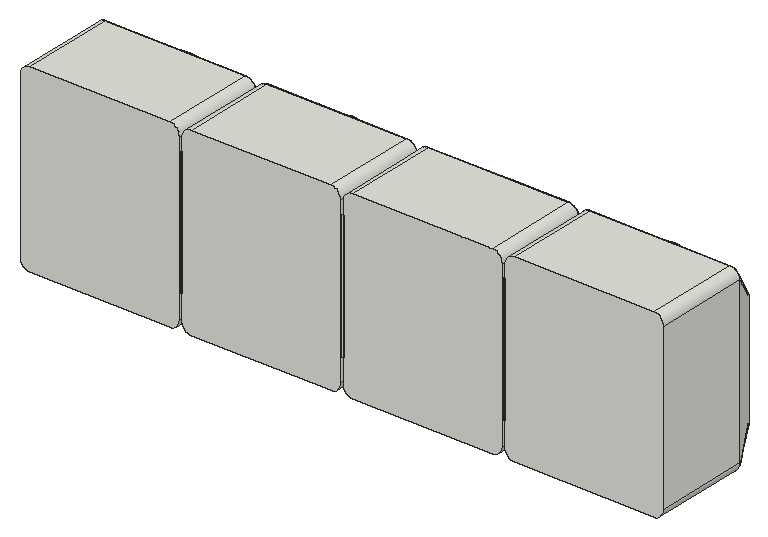
Revit family "IEK_Розетка_ОУ_C_ЗК_16А_4_мест_IP54_ГЕРМЕС_PLUS", category Электрические приборы, Revit 2019
Family settings
  Сохранять ориентацию аннотаций = Да
  Размер круглого соединителя = Использовать диаметр
  Тип детали = Нормальный
  На основе рабочей плоскости = Нет
  Всегда вертикально = Да
  При загрузке вырезать с полостями = Нет
  Общий = Нет
  Точка расчета площади = Нет
Parameters (values of type "РСб24-3-ГПБд")
  Ширина = 290 mm  # constant formula
  Тип монтажа = "Поверхность монтажа (открытая установка)"  # constant formula
  Степень защиты = "IP54"  # constant formula
  Описание = "Изделия серии \"ГЕРМЕС PLUS\" используются в помещениях с повышенной влажностью или запыленностью, а также под навесом на открытом воздухе."
  Материал крышки = Цвет дымчатый
  Изготовитель = "IEK"  # constant formula
  Диаметр_Короб [instance] = 16 mm
  Глубина = 52 mm  # constant formula
  Высота = 72 mm  # constant formula
  ΔХ [instance] = 2000 mm
  ΔY [instance] = 2000 mm
  URL = "https://www.iek.ru/"
  ADSK_Ток [instance] = 16 A  # constant formula
  ADSK_Примечание = ""
  ADSK_Полная мощность [instance] = ADSK_Номинальная мощность / ADSK_Коэффициент мощности  # 3520 VA
  ADSK_Позиция [instance] = ""
  ADSK_Номинальная мощность [instance] = ADSK_Ток * ADSK_Напряжение * sqrt(ADSK_Количество фаз числовое) * ADSK_Коэффициент мощности  # 3520 W
  ADSK_Напряжение = 220 V
  ADSK_Наименование краткое = "РСб24-3-ГПБд"
  ADSK_Наименование = "Розетка 4-местная для открытой установки РСб24-3-ГПБд с заземляющим контактом IP54 ГЕРМЕС PLUS (цвет крышки: дымчатый) IEK"
  ADSK_Материал обозначение = ""
  ADSK_Материал наименование = "Пластик"  # constant formula
  ADSK_Материал = Цвет белый
  ADSK_Масса = 0.513  # constant formula
  ADSK_Марка = "ГЕРМЕС PLUS"  # constant formula
  ADSK_Коэффициент мощности [instance] = 1  # constant formula
  ADSK_Количество фаз числовое = 1
  ADSK_Количество фаз = 1
  ADSK_Код изделия = "ERMP32-K03-16-54-EC"
  ADSK_Классификация нагрузок [instance] = Прочее
  ADSK_Завод-изготовитель = Изготовитель  # "IEK"
  ADSK_Единица измерения = "шт."  # constant formula
  ADSK_Группирование = "Электроустановочные изделия низковольтные"  # constant formula
  ADSK_Версия семейства = "01.10.25"  # constant formula
  ADSK_Версия Revit = "v2019"  # constant formula
  ADSK_URL страницы изделия = "https://qr.iek.group/ERMP32-K03-16-54-EC"
Types (3, lengths in mm): name | Материал крышки | ADSK_Наименование краткое | ADSK_Наименование | ADSK_Код изделия | ADSK_URL страницы изделия
  (no name) | Цвет дымчатый | "РСб24-3-ГПБд" | "Розетка 4-местная для открытой установки РСб24-3-ГПБд с заземляющим контактом IP54 ГЕРМЕС PLUS (цвет крышки: дымчатый) IEK" | "ERMP32-K03-16-54-EC" | "https://qr.iek.group/ERMP32-K03-16-54-EC"
  РСб24-3-ГПБб | Цвет белый | "РСб24-3-ГПБб" | "Розетка 4-местная для открытой установки РСб24-3-ГПБб с заземляющим контактом IP54 ГЕРМЕС PLUS белый IEK" | "ERMP32-K01-16-54-EC" | "https://qr.iek.group/ERMP32-K01-16-54-EC"
  РСб24-3-ГПБд | Цвет дымчатый | "РСб24-3-ГПБд" | "Розетка 4-местная для открытой установки РСб24-3-ГПБд с заземляющим контактом IP54 ГЕРМЕС PLUS (цвет крышки: дымчатый) IEK" | "ERMP32-K03-16-54-EC" | "https://qr.iek.group/ERMP32-K03-16-54-EC"
Reference planes
  plane 1 "По центру (Вперед/Назад)": y = 0
  plane 2: z = 0
  plane 3 "По центру (Влево/Вправо)": x = 0
  plane 4 "Высота ножек": z = 280
  plane 5 "Высота": z = 2081.496
  plane 6: x = -2000
  plane 7: y = 2000
Forms (mm)
  Extrusion 1, solid, material "Цвет белый" <- "ADSK_Материал", detail levels fine
    sketch origin (-33, 0, 37.5) x (1, 0, 0) y (0, 0, -1)
      loop
        line (-32.5, 33.5) -> (-32.5, -33.45)
        arc (-32.5, -33.45) -> (-31.314, -36.314) -> (-28.45, -37.5) r 4.05
        line (-28.45, -37.5) -> (28.5, -37.5)
        arc (28.5, -37.5) -> (31.328, -36.328) -> (32.5, -33.5) r 4
        line (32.5, -33.5) -> (32.5, 33.5)
        arc (32.5, 33.5) -> (31.328, 36.328) -> (28.5, 37.5) r 4
        line (28.5, 37.5) -> (-28.5, 37.5)
        arc (-28.5, 37.5) -> (-31.328, 36.328) -> (-32.5, 33.5) r 4
    from 0 to 38.682
  Blend 2, solid, material "Цвет белый" <- "ADSK_Материал", detail levels fine
    base sketch origin (-33, 0, 37.5) x (1, 0, 0) y (0, 0, -1)
      loop
        line (-32.5, 33.5) -> (-32.5, -33.5)
        arc (-32.5, -33.5) -> (-31.328, -36.328) -> (-28.5, -37.5) r 4
        line (-28.5, -37.5) -> (28.5, -37.5)
        arc (28.5, -37.5) -> (31.328, -36.328) -> (32.5, -33.5) r 4
        line (32.5, -33.5) -> (32.5, 33.5)
        arc (32.5, 33.5) -> (31.328, 36.328) -> (28.5, 37.5) r 4
        line (28.5, 37.5) -> (-28.5, 37.5)
        arc (-28.5, 37.5) -> (-31.328, 36.328) -> (-32.5, 33.5) r 4
    top sketch origin (-33, 0, 37.5) x (1, 0, 0) y (0, 0, -1)
      loop
        line (-30.1, 23.034) -> (-30.1, -24.041)
        arc (-30.1, -24.041) -> (-29.819, -24.719) -> (-29.141, -25) r 0.959
        line (-29.141, -25) -> (29.141, -25)
        arc (29.141, -25) -> (29.819, -24.719) -> (30.1, -24.041) r 0.959
        line (30.1, -24.041) -> (30.1, 23.034)
        arc (30.1, 23.034) -> (29.819, 23.712) -> (29.141, 23.993) r 0.959
        line (29.141, 23.993) -> (-29.141, 23.993)
        arc (-29.141, 23.993) -> (-29.819, 23.712) -> (-30.1, 23.034) r 0.959
    from 38.682 to 46.099
  Extrusion 3, void
    sketch origin (-32.975, 0, 37.5) x (1, 0, 0) y (0, 0, -1)
      loop
        arc (-16.762, -9.964) -> (-0.012, -19.5) -> (16.75, -9.984) r 19.5
        line (16.75, -9.984) -> (16.75, -2.25) -> (19.37, -2.25)
        arc (19.37, -2.25) -> (19.5, 0) -> (19.37, 2.25) r 19.5
        line (19.37, 2.25) -> (16.75, 2.25) -> (16.75, 9.984)
        arc (16.75, 9.984) -> (0, 19.5) -> (-16.75, 9.984) r 19.5
        line (-16.75, 9.984) -> (-16.75, 2.25) -> (-19.37, 2.25)
        arc (-19.37, 2.25) -> (-19.5, 0) -> (-19.37, -2.25) r 19.5
        line (-19.37, -2.25) -> (-16.75, -2.25) -> (-16.762, -9.964)
    from 26.4 to 46.099
  Extrusion 4, void
    sketch origin (-32.975, 0, 37.5) x (1, 0, 0) y (0, 0, -1)
      loop
        circle (-9.525, 0) r 2.758
      loop
        circle (9.525, 0) r 2.758
    from 26.4 to 5.7
  Extrusion 5, void
    sketch origin (-33, 0, 39.041) x (1, 0, 0) y (0, 0, -1)
      loop
        arc (-28.5, -24.189) -> (-27.914, -25.603) -> (-26.5, -26.189) r 2
        line (-26.5, -26.189) -> (26.5, -26.189)
        arc (26.5, -26.189) -> (27.914, -25.603) -> (28.5, -24.189) r 2
        line (28.5, -24.189) -> (28.5, 37.041)
        arc (28.5, 37.041) -> (27.914, 38.456) -> (26.5, 39.041) r 2
        line (26.5, 39.041) -> (-26.5, 39.041)
        arc (-26.5, 39.041) -> (-27.914, 38.456) -> (-28.5, 37.041) r 2
        line (-28.5, 37.041) -> (-28.5, -24.189)
      loop
        line (5, 26.541) -> (-5, 26.541) -> (-15.069, 16.168)
        arc (-15.069, 16.168) -> (-21, 1.541) -> (-15.069, -13.085) r 21
        line (-15.069, -13.085) -> (-5, -23.459) -> (5, -23.459) -> (15.069, -13.085)
        arc (15.069, -13.085) -> (21, 1.541) -> (15.069, 16.168) r 21
        line (15.069, 16.168) -> (5, 26.541)
    from 38.682 to 46.099
  Extrusion 6, void
    sketch origin (-33, 0, 37.5) x (1, 0, 0) y (0, 0, -1)
      loop
        line (-22.764, -27) -> (-14.278, -27)
        arc (-14.278, -27) -> (0, -32.5) -> (14.278, -27) r 21.282
        line (14.278, -27) -> (22.764, -27) -> (22.764, 26.4) -> (-22.764, 26.4) -> (-22.764, -27)
    from 43.6 to 46.099
  Extrusion 7, solid, material "Цвет дымчатый" <- "Материал крышки", detail levels fine
    sketch origin (-32.975, 0, 37.5) x (0, 0, -1) y (0, 1, 0)
      loop
        line (23.993, 46.099) -> (-27, 46.099) -> (-27, 45.121) -> (23.993, 45.121) -> (35.72, 38.682) -> (37.5, 38.682) -> (23.993, 46.099)
    from -28 to 28
  Extrusion 8, solid, material "Цвет дымчатый" <- "Материал крышки", detail levels fine
    sketch origin (-32.975, 0, 37.5) x (1, 0, 0) y (0, 0, -1)
      loop
        arc (-14.278, -27) -> (0, -32.5) -> (14.278, -27) r 21.282
        line (14.278, -27) -> (-14.278, -27)
    from 45.121 to 46.099
  Blend 9, solid, material "Цвет белый" <- "ADSK_Материал", detail levels fine
    base sketch origin (33, 0, 37.5) x (1, 0, 0) y (0, 0, -1)
      loop
        line (-32.5, 33.5) -> (-32.5, -33.5)
        arc (-32.5, -33.5) -> (-31.328, -36.328) -> (-28.5, -37.5) r 4
        line (-28.5, -37.5) -> (28.5, -37.5)
        arc (28.5, -37.5) -> (31.328, -36.328) -> (32.5, -33.5) r 4
        line (32.5, -33.5) -> (32.5, 33.5)
        arc (32.5, 33.5) -> (31.328, 36.328) -> (28.5, 37.5) r 4
        line (28.5, 37.5) -> (-28.5, 37.5)
        arc (-28.5, 37.5) -> (-31.328, 36.328) -> (-32.5, 33.5) r 4
    top sketch origin (33, 0, 37.5) x (1, 0, 0) y (0, 0, -1)
      loop
        line (-30.1, 23.034) -> (-30.1, -24.041)
        arc (-30.1, -24.041) -> (-29.819, -24.719) -> (-29.141, -25) r 0.959
        line (-29.141, -25) -> (29.141, -25)
        arc (29.141, -25) -> (29.819, -24.719) -> (30.1, -24.041) r 0.959
        line (30.1, -24.041) -> (30.1, 23.034)
        arc (30.1, 23.034) -> (29.819, 23.712) -> (29.141, 23.993) r 0.959
        line (29.141, 23.993) -> (-29.141, 23.993)
        arc (-29.141, 23.993) -> (-29.819, 23.712) -> (-30.1, 23.034) r 0.959
    from 38.682 to 46.099
  Extrusion 10, solid, material "Цвет белый" <- "ADSK_Материал", detail levels fine
    sketch origin (33, 0, 37.5) x (1, 0, 0) y (0, 0, -1)
      loop
        line (-32.5, 33.5) -> (-32.5, -33.45)
        arc (-32.5, -33.45) -> (-31.314, -36.314) -> (-28.45, -37.5) r 4.05
        line (-28.45, -37.5) -> (28.5, -37.5)
        arc (28.5, -37.5) -> (31.328, -36.328) -> (32.5, -33.5) r 4
        line (32.5, -33.5) -> (32.5, 33.5)
        arc (32.5, 33.5) -> (31.328, 36.328) -> (28.5, 37.5) r 4
        line (28.5, 37.5) -> (-28.5, 37.5)
        arc (-28.5, 37.5) -> (-31.328, 36.328) -> (-32.5, 33.5) r 4
    from 0 to 38.682
  Extrusion 11, void
    sketch origin (33.025, 0, 37.5) x (1, 0, 0) y (0, 0, -1)
      loop
        arc (-16.762, -9.964) -> (-0.012, -19.5) -> (16.75, -9.984) r 19.5
        line (16.75, -9.984) -> (16.75, -2.25) -> (19.37, -2.25)
        arc (19.37, -2.25) -> (19.5, 0) -> (19.37, 2.25) r 19.5
        line (19.37, 2.25) -> (16.75, 2.25) -> (16.75, 9.984)
        arc (16.75, 9.984) -> (0, 19.5) -> (-16.75, 9.984) r 19.5
        line (-16.75, 9.984) -> (-16.75, 2.25) -> (-19.37, 2.25)
        arc (-19.37, 2.25) -> (-19.5, 0) -> (-19.37, -2.25) r 19.5
        line (-19.37, -2.25) -> (-16.75, -2.25) -> (-16.762, -9.964)
    from 26.4 to 46.099
  Extrusion 12, void
    sketch origin (33.025, 0, 37.5) x (1, 0, 0) y (0, 0, -1)
      loop
        circle (-9.525, 0) r 2.758
      loop
        circle (9.525, 0) r 2.758
    from 26.4 to 5.7
  Extrusion 13, void
    sketch origin (33, 0, 39.041) x (1, 0, 0) y (0, 0, -1)
      loop
        arc (-28.5, -24.189) -> (-27.914, -25.603) -> (-26.5, -26.189) r 2
        line (-26.5, -26.189) -> (26.5, -26.189)
        arc (26.5, -26.189) -> (27.914, -25.603) -> (28.5, -24.189) r 2
        line (28.5, -24.189) -> (28.5, 37.041)
        arc (28.5, 37.041) -> (27.914, 38.456) -> (26.5, 39.041) r 2
        line (26.5, 39.041) -> (-26.5, 39.041)
        arc (-26.5, 39.041) -> (-27.914, 38.456) -> (-28.5, 37.041) r 2
        line (-28.5, 37.041) -> (-28.5, -24.189)
      loop
        line (5, 26.541) -> (-5, 26.541) -> (-15.069, 16.168)
        arc (-15.069, 16.168) -> (-21, 1.541) -> (-15.069, -13.085) r 21
        line (-15.069, -13.085) -> (-5, -23.459) -> (5, -23.459) -> (15.069, -13.085)
        arc (15.069, -13.085) -> (21, 1.541) -> (15.069, 16.168) r 21
        line (15.069, 16.168) -> (5, 26.541)
    from 38.682 to 46.099
  Extrusion 14, void
    sketch origin (33, 0, 37.5) x (1, 0, 0) y (0, 0, -1)
      loop
        line (-22.764, -27) -> (-14.278, -27)
        arc (-14.278, -27) -> (0, -32.5) -> (14.278, -27) r 21.282
        line (14.278, -27) -> (22.764, -27) -> (22.764, 26.4) -> (-22.764, 26.4) -> (-22.764, -27)
    from 43.6 to 46.099
  Extrusion 15, solid, material "Цвет дымчатый" <- "Материал крышки", detail levels fine
    sketch origin (33, 0, 37.5) x (0, 0, -1) y (0, 1, 0)
      loop
        line (23.993, 46.099) -> (-27, 46.099) -> (-27, 45.121) -> (23.993, 45.121) -> (35.72, 38.682) -> (37.5, 38.682) -> (23.993, 46.099)
    from -28 to 28
  Extrusion 16, solid, material "Цвет дымчатый" <- "Материал крышки", detail levels fine
    sketch origin (33, 0, 37.5) x (1, 0, 0) y (0, 0, -1)
      loop
        arc (-14.278, -27) -> (0, -32.5) -> (14.278, -27) r 21.282
        line (14.278, -27) -> (-14.278, -27)
    from 45.121 to 46.099
  Extrusion 17, solid, material "Цвет белый" <- "ADSK_Материал", detail levels fine
    sketch origin (0, 0, 37.5) x (1, 0, 0) y (0, 0, -1)
      loop
        line (-0.5, 23.775) -> (-0.5, -28.284) -> (0.5, -28.284) -> (0.5, 23.775) -> (-0.5, 23.775)
    from 0 to 15
  Blend 18, solid, material "Цвет белый" <- "ADSK_Материал", detail levels fine
    base sketch origin (99, 0, 37.5) x (1, 0, 0) y (0, 0, -1)
      loop
        line (-32.5, 33.5) -> (-32.5, -33.5)
        arc (-32.5, -33.5) -> (-31.328, -36.328) -> (-28.5, -37.5) r 4
        line (-28.5, -37.5) -> (28.5, -37.5)
        arc (28.5, -37.5) -> (31.328, -36.328) -> (32.5, -33.5) r 4
        line (32.5, -33.5) -> (32.5, 33.5)
        arc (32.5, 33.5) -> (31.328, 36.328) -> (28.5, 37.5) r 4
        line (28.5, 37.5) -> (-28.5, 37.5)
        arc (-28.5, 37.5) -> (-31.328, 36.328) -> (-32.5, 33.5) r 4
    top sketch origin (99, 0, 37.5) x (1, 0, 0) y (0, 0, -1)
      loop
        line (-30.1, 23.034) -> (-30.1, -24.041)
        arc (-30.1, -24.041) -> (-29.819, -24.719) -> (-29.141, -25) r 0.959
        line (-29.141, -25) -> (29.141, -25)
        arc (29.141, -25) -> (29.819, -24.719) -> (30.1, -24.041) r 0.959
        line (30.1, -24.041) -> (30.1, 23.034)
        arc (30.1, 23.034) -> (29.819, 23.712) -> (29.141, 23.993) r 0.959
        line (29.141, 23.993) -> (-29.141, 23.993)
        arc (-29.141, 23.993) -> (-29.819, 23.712) -> (-30.1, 23.034) r 0.959
    from 38.682 to 46.099
  Extrusion 19, solid, material "Цвет белый" <- "ADSK_Материал", detail levels fine
    sketch origin (66, 0, 37.5) x (1, 0, 0) y (0, 0, -1)
      loop
        line (-0.5, 23.775) -> (-0.5, -28.284) -> (0.5, -28.284) -> (0.5, 23.775) -> (-0.5, 23.775)
    from 0 to 15
  Extrusion 20, solid, material "Цвет белый" <- "ADSK_Материал", detail levels fine
    sketch origin (99, 0, 37.5) x (1, 0, 0) y (0, 0, -1)
      loop
        line (-32.5, 33.5) -> (-32.5, -33.45)
        arc (-32.5, -33.45) -> (-31.314, -36.314) -> (-28.45, -37.5) r 4.05
        line (-28.45, -37.5) -> (28.5, -37.5)
        arc (28.5, -37.5) -> (31.328, -36.328) -> (32.5, -33.5) r 4
        line (32.5, -33.5) -> (32.5, 33.5)
        arc (32.5, 33.5) -> (31.328, 36.328) -> (28.5, 37.5) r 4
        line (28.5, 37.5) -> (-28.5, 37.5)
        arc (-28.5, 37.5) -> (-31.328, 36.328) -> (-32.5, 33.5) r 4
    from 0 to 38.682
  Extrusion 21, solid, material "Цвет белый" <- "ADSK_Материал", detail levels fine
    sketch origin (-99, 0, 37.5) x (1, 0, 0) y (0, 0, -1)
      loop
        line (-32.5, 33.5) -> (-32.5, -33.45)
        arc (-32.5, -33.45) -> (-31.314, -36.314) -> (-28.45, -37.5) r 4.05
        line (-28.45, -37.5) -> (28.5, -37.5)
        arc (28.5, -37.5) -> (31.328, -36.328) -> (32.5, -33.5) r 4
        line (32.5, -33.5) -> (32.5, 33.5)
        arc (32.5, 33.5) -> (31.328, 36.328) -> (28.5, 37.5) r 4
        line (28.5, 37.5) -> (-28.5, 37.5)
        arc (-28.5, 37.5) -> (-31.328, 36.328) -> (-32.5, 33.5) r 4
    from 0 to 38.682
  Blend 22, solid, material "Цвет белый" <- "ADSK_Материал", detail levels fine
    base sketch origin (-99, 0, 37.5) x (1, 0, 0) y (0, 0, -1)
      loop
        line (-32.5, 33.5) -> (-32.5, -33.5)
        arc (-32.5, -33.5) -> (-31.328, -36.328) -> (-28.5, -37.5) r 4
        line (-28.5, -37.5) -> (28.5, -37.5)
        arc (28.5, -37.5) -> (31.328, -36.328) -> (32.5, -33.5) r 4
        line (32.5, -33.5) -> (32.5, 33.5)
        arc (32.5, 33.5) -> (31.328, 36.328) -> (28.5, 37.5) r 4
        line (28.5, 37.5) -> (-28.5, 37.5)
        arc (-28.5, 37.5) -> (-31.328, 36.328) -> (-32.5, 33.5) r 4
    top sketch origin (-99, 0, 37.5) x (1, 0, 0) y (0, 0, -1)
      loop
        line (-30.1, 23.034) -> (-30.1, -24.041)
        arc (-30.1, -24.041) -> (-29.819, -24.719) -> (-29.141, -25) r 0.959
        line (-29.141, -25) -> (29.141, -25)
        arc (29.141, -25) -> (29.819, -24.719) -> (30.1, -24.041) r 0.959
        line (30.1, -24.041) -> (30.1, 23.034)
        arc (30.1, 23.034) -> (29.819, 23.712) -> (29.141, 23.993) r 0.959
        line (29.141, 23.993) -> (-29.141, 23.993)
        arc (-29.141, 23.993) -> (-29.819, 23.712) -> (-30.1, 23.034) r 0.959
    from 38.682 to 46.099
  Extrusion 23, solid, material "Цвет белый" <- "ADSK_Материал", detail levels fine
    sketch origin (-66, 0, 37.5) x (1, 0, 0) y (0, 0, -1)
      loop
        line (-0.5, 23.775) -> (-0.5, -28.284) -> (0.5, -28.284) -> (0.5, 23.775) -> (-0.5, 23.775)
    from 0 to 15
  Extrusion 24, void
    sketch origin (-98.975, 0, 37.5) x (1, 0, 0) y (0, 0, -1)
      loop
        arc (-16.762, -9.964) -> (-0.012, -19.5) -> (16.75, -9.984) r 19.5
        line (16.75, -9.984) -> (16.75, -2.25) -> (19.37, -2.25)
        arc (19.37, -2.25) -> (19.5, 0) -> (19.37, 2.25) r 19.5
        line (19.37, 2.25) -> (16.75, 2.25) -> (16.75, 9.984)
        arc (16.75, 9.984) -> (0, 19.5) -> (-16.75, 9.984) r 19.5
        line (-16.75, 9.984) -> (-16.75, 2.25) -> (-19.37, 2.25)
        arc (-19.37, 2.25) -> (-19.5, 0) -> (-19.37, -2.25) r 19.5
        line (-19.37, -2.25) -> (-16.75, -2.25) -> (-16.762, -9.964)
    from 26.4 to 46.099
  Extrusion 25, void
    sketch origin (-98.975, 0, 37.5) x (1, 0, 0) y (0, 0, -1)
      loop
        circle (-9.525, 0) r 2.758
      loop
        circle (9.525, 0) r 2.758
    from 26.4 to 5.7
  Extrusion 26, void
    sketch origin (99, 0, 37.5) x (1, 0, 0) y (0, 0, -1)
      loop
        arc (-16.762, -9.964) -> (-0.012, -19.5) -> (16.75, -9.984) r 19.5
        line (16.75, -9.984) -> (16.75, -2.25) -> (19.37, -2.25)
        arc (19.37, -2.25) -> (19.5, 0) -> (19.37, 2.25) r 19.5
        line (19.37, 2.25) -> (16.75, 2.25) -> (16.75, 9.984)
        arc (16.75, 9.984) -> (0, 19.5) -> (-16.75, 9.984) r 19.5
        line (-16.75, 9.984) -> (-16.75, 2.25) -> (-19.37, 2.25)
        arc (-19.37, 2.25) -> (-19.5, 0) -> (-19.37, -2.25) r 19.5
        line (-19.37, -2.25) -> (-16.75, -2.25) -> (-16.762, -9.964)
    from 26.4 to 46.099
  Extrusion 27, void
    sketch origin (99, 0, 37.5) x (1, 0, 0) y (0, 0, -1)
      loop
        circle (-9.525, 0) r 2.758
      loop
        circle (9.525, 0) r 2.758
    from 26.4 to 5.7
  Extrusion 28, void
    sketch origin (99, 0, 39.041) x (1, 0, 0) y (0, 0, -1)
      loop
        arc (-28.5, -24.189) -> (-27.914, -25.603) -> (-26.5, -26.189) r 2
        line (-26.5, -26.189) -> (26.5, -26.189)
        arc (26.5, -26.189) -> (27.914, -25.603) -> (28.5, -24.189) r 2
        line (28.5, -24.189) -> (28.5, 37.041)
        arc (28.5, 37.041) -> (27.914, 38.456) -> (26.5, 39.041) r 2
        line (26.5, 39.041) -> (-26.5, 39.041)
        arc (-26.5, 39.041) -> (-27.914, 38.456) -> (-28.5, 37.041) r 2
        line (-28.5, 37.041) -> (-28.5, -24.189)
      loop
        line (5, 26.541) -> (-5, 26.541) -> (-15.069, 16.168)
        arc (-15.069, 16.168) -> (-21, 1.541) -> (-15.069, -13.085) r 21
        line (-15.069, -13.085) -> (-5, -23.459) -> (5, -23.459) -> (15.069, -13.085)
        arc (15.069, -13.085) -> (21, 1.541) -> (15.069, 16.168) r 21
        line (15.069, 16.168) -> (5, 26.541)
    from 38.682 to 46.099
  Extrusion 29, void
    sketch origin (-99, 0, 39.041) x (1, 0, 0) y (0, 0, -1)
      loop
        arc (-28.5, -24.189) -> (-27.914, -25.603) -> (-26.5, -26.189) r 2
        line (-26.5, -26.189) -> (26.5, -26.189)
        arc (26.5, -26.189) -> (27.914, -25.603) -> (28.5, -24.189) r 2
        line (28.5, -24.189) -> (28.5, 37.041)
        arc (28.5, 37.041) -> (27.914, 38.456) -> (26.5, 39.041) r 2
        line (26.5, 39.041) -> (-26.5, 39.041)
        arc (-26.5, 39.041) -> (-27.914, 38.456) -> (-28.5, 37.041) r 2
        line (-28.5, 37.041) -> (-28.5, -24.189)
      loop
        line (5, 26.541) -> (-5, 26.541) -> (-15.069, 16.168)
        arc (-15.069, 16.168) -> (-21, 1.541) -> (-15.069, -13.085) r 21
        line (-15.069, -13.085) -> (-5, -23.459) -> (5, -23.459) -> (15.069, -13.085)
        arc (15.069, -13.085) -> (21, 1.541) -> (15.069, 16.168) r 21
        line (15.069, 16.168) -> (5, 26.541)
    from 38.682 to 46.099
  Extrusion 30, void
    sketch origin (99.25, 0, 37.5) x (1, 0, 0) y (0, 0, -1)
      loop
        line (-22.764, -27) -> (-14.278, -27)
        arc (-14.278, -27) -> (0, -32.5) -> (14.278, -27) r 21.282
        line (14.278, -27) -> (22.764, -27) -> (22.764, 26.4) -> (-22.764, 26.4) -> (-22.764, -27)
    from 43.6 to 46.099
  Extrusion 31, void
    sketch origin (-98.775, 0, 37.5) x (1, 0, 0) y (0, 0, -1)
      loop
        line (-22.764, -27) -> (-14.278, -27)
        arc (-14.278, -27) -> (0, -32.5) -> (14.278, -27) r 21.282
        line (14.278, -27) -> (22.764, -27) -> (22.764, 26.4) -> (-22.764, 26.4) -> (-22.764, -27)
    from 43.6 to 46.099
  Extrusion 32, solid, material "Цвет дымчатый" <- "Материал крышки", detail levels fine
    sketch origin (-99, 0, 37.5) x (0, 0, -1) y (0, 1, 0)
      loop
        line (23.993, 46.099) -> (-27, 46.099) -> (-27, 45.121) -> (23.993, 45.121) -> (35.72, 38.682) -> (37.5, 38.682) -> (23.993, 46.099)
    from -28 to 28
  Extrusion 33, solid, material "Цвет дымчатый" <- "Материал крышки", detail levels fine
    sketch origin (-99, 0, 37.5) x (1, 0, 0) y (0, 0, -1)
      loop
        arc (-14.278, -27) -> (0, -32.5) -> (14.278, -27) r 21.282
        line (14.278, -27) -> (-14.278, -27)
    from 45.121 to 46.099
  Extrusion 34, solid, material "Цвет дымчатый" <- "Материал крышки", detail levels fine
    sketch origin (99, 0, 37.5) x (0, 0, -1) y (0, 1, 0)
      loop
        line (23.993, 46.099) -> (-27, 46.099) -> (-27, 45.121) -> (23.993, 45.121) -> (35.72, 38.682) -> (37.5, 38.682) -> (23.993, 46.099)
    from -28 to 28
  Extrusion 35, solid, material "Цвет дымчатый" <- "Материал крышки", detail levels fine
    sketch origin (99, 0, 37.5) x (1, 0, 0) y (0, 0, -1)
      loop
        arc (-14.278, -27) -> (0, -32.5) -> (14.278, -27) r 21.282
        line (14.278, -27) -> (-14.278, -27)
    from 45.121 to 46.099
  Extrusion 36, solid, detail levels coarse
    sketch origin (0, 0, 0) x (1, 0, 0) y (0, 1, 0)
      loop
        line (-131.5, 0) -> (131.5, 0) -> (131.5, 46.099) -> (-131.5, 46.099) -> (-131.5, 0)
    from 0 to 75
  Extrusion 37, solid, detail levels medium
    sketch origin (0, 0, 0) x (1, 0, 0) y (0, 1, 0)
      loop
        line (-131.5, 46.099) -> (-131.5, 0) -> (131.5, 0) -> (131.5, 46.099) -> (-131.5, 46.099)
    from 0 to 75
Cuts and joins
  Extrusion 24, Extrusion 29, Extrusion 31 cuts Blend 22
  Extrusion 3, Extrusion 5, Extrusion 6 cuts Blend 2
  Extrusion 11, Extrusion 13, Extrusion 14 cuts Blend 9
  Extrusion 26, Extrusion 28, Extrusion 30 cuts Blend 18
  Extrusion 24, Extrusion 25 cuts Extrusion 21
  Extrusion 3, Extrusion 4 cuts Extrusion 1
  Extrusion 11, Extrusion 12 cuts Extrusion 10
  Extrusion 26, Extrusion 27 cuts Extrusion 20
Lines and regions (mm)
  reference lines
    curve 1: line (0, 44.647, 0) -> (0, -55.353, 0)
    curve 2: line (-23.829, 0, 0) -> (76.171, 0, 0)
Dimensions and locks
  locked: plane 4 "Высота ножек" to plane 2 at 280
  plane 5 "Высота" to plane 4 "Высота ножек" = 1801.496 mm
  "ΔХ": plane 6 to curve 1
  "ΔY": plane 7 to curve 2
  aligned and locked: level to plane 2
  aligned and locked: nested 1 to curve 1
  aligned and locked: curve 2 to nested 1
Automatic sketch dimensions
  level to Extrusion 1 sketch curve = 4 mm
  Extrusion 1 sketch curve to plane 3 "По центру (Влево/Вправо)" = 65.5 mm
  Extrusion 1 sketch curve to Extrusion 1 sketch curve = 4 mm
  Extrusion 1 sketch curve to Extrusion 1 sketch curve = 4.05 mm
  Extrusion 1 sketch curve to plane 3 "По центру (Влево/Вправо)" = 4.5 mm  (x2)
  Extrusion 1 sketch curve to plane 3 "По центру (Влево/Вправо)" = 0.5 mm
  level to Extrusion 1 sketch curve = 70.95 mm
  level to Blend 2 sketch curve = 4 mm
  Blend 2 sketch curve to plane 3 "По центру (Влево/Вправо)" = 65.5 mm
  Blend 2 sketch curve to Blend 2 sketch curve = 4 mm  (x2)
  Blend 2 sketch curve to plane 3 "По центру (Влево/Вправо)" = 4.5 mm  (x2)
  Blend 2 sketch curve to plane 3 "По центру (Влево/Вправо)" = 0.5 mm
  level to Blend 2 sketch curve = 71 mm
  level to Blend 2 sketch curve = 14.466 mm  (x2)
  Blend 2 sketch curve to plane 3 "По центру (Влево/Вправо)" = 63.1 mm
  Blend 2 sketch curve to Blend 2 sketch curve = 0.959 mm  (x2)
  Blend 2 sketch curve to plane 3 "По центру (Влево/Вправо)" = 3.859 mm  (x2)
  Blend 2 sketch curve to Blend 2 sketch curve = 47.076 mm
  Extrusion 3 sketch curve to Extrusion 3 sketch curve = 0 mm  (x14)
  level to Extrusion 3 sketch curve = 39.75 mm  (x2)
  Extrusion 3 sketch curve to plane 3 "По центру (Влево/Вправо)" = 52.345 mm
  Extrusion 3 sketch curve to Extrusion 3 sketch curve = 2.62 mm  (x4)
  Extrusion 3 sketch curve to Extrusion 3 sketch curve = 16.75 mm
  Extrusion 3 sketch curve to plane 3 "По центру (Влево/Вправо)" = 16.225 mm
  Extrusion 3 sketch curve to Extrusion 3 sketch curve = 7.734 mm  (x2)
  Extrusion 3 sketch curve to Extrusion 3 sketch curve = 2.25 mm
  Extrusion 3 sketch curve to Extrusion 3 sketch curve = 0.012 mm
  Extrusion 4 sketch curve to plane 3 "По центру (Влево/Вправо)" = 42.5 mm
  Extrusion 4 sketch curve to Extrusion 4 sketch curve = 19.049 mm
  level to Extrusion 4 sketch curve = 37.5 mm
  Extrusion 4 sketch curve to Extrusion 4 sketch curve = 0 mm
  Extrusion 5 sketch curve to Extrusion 5 sketch curve = 0 mm  (x2)
  Extrusion 5 sketch curve to plane 3 "По центру (Влево/Вправо)" = 61.5 mm
  Extrusion 5 sketch curve to Extrusion 5 sketch curve = 2 mm  (x3)
  level to Extrusion 5 sketch curve = 22.874 mm  (x2)
  Extrusion 5 sketch curve to Extrusion 5 sketch curve = 11.431 mm  (x2)
  level to Extrusion 5 sketch curve = 12.5 mm
  Extrusion 5 sketch curve to Extrusion 5 sketch curve = 10.069 mm  (x4)
  Extrusion 5 sketch curve to Extrusion 5 sketch curve = 15.069 mm
  Extrusion 5 sketch curve to Extrusion 5 sketch curve = 10 mm  (x2)
  Extrusion 5 sketch curve to plane 3 "По центру (Влево/Вправо)" = 6.5 mm  (x2)
  Extrusion 5 sketch curve to Extrusion 5 sketch curve = 14.626 mm
  Extrusion 5 sketch curve to Extrusion 5 sketch curve = 10.374 mm
  Extrusion 5 sketch curve to Extrusion 5 sketch curve = 11.104 mm
  level to Extrusion 5 sketch curve = 2 mm
  Extrusion 6 sketch curve to plane 3 "По центру (Влево/Вправо)" = 55.764 mm
  Extrusion 6 sketch curve to Extrusion 6 sketch curve = 8.486 mm  (x2)
  Extrusion 6 sketch curve to Extrusion 6 sketch curve = 14.278 mm
  Extrusion 6 sketch curve to plane 3 "По центру (Влево/Вправо)" = 18.722 mm
  level to Extrusion 6 sketch curve = 64.5 mm
  Extrusion 6 sketch curve to Extrusion 6 sketch curve = 15.782 mm
  level to Extrusion 6 sketch curve = 11.1 mm
  Extrusion 7 sketch curve to plane 1 "По центру (Вперед/Назад)" = 46.099 mm
  level to Extrusion 7 sketch curve = 64.5 mm
  level to Extrusion 7 sketch curve = 13.507 mm  (x2)
  level to Extrusion 7 sketch curve = 1.78 mm
  Extrusion 7 sketch curve to Extrusion 7 sketch curve = 1.78 mm
  Extrusion 7 sketch curve to Extrusion 7 sketch curve = 0.977 mm
  Extrusion 7 sketch curve to Extrusion 7 sketch curve = 6.439 mm
  Extrusion 8 sketch curve to plane 3 "По центру (Влево/Вправо)" = 47.253 mm
  Extrusion 8 sketch curve to Extrusion 8 sketch curve = 14.278 mm
  level to Extrusion 8 sketch curve = 64.5 mm
  Extrusion 8 sketch curve to Extrusion 8 sketch curve = 15.782 mm
  plane 3 "По центру (Влево/Вправо)" to Blend 9 sketch curve = 0.5 mm
  plane 3 "По центру (Влево/Вправо)" to Blend 9 sketch curve = 4.5 mm
  Blend 9 sketch curve to Blend 9 sketch curve = 4 mm  (x2)
  Blend 9 sketch curve to Blend 9 sketch curve = 57 mm  (x2)
  level to Blend 9 sketch curve = 4 mm
  level to Blend 9 sketch curve = 71 mm
  level to Blend 9 sketch curve = 14.466 mm  (x2)
  plane 3 "По центру (Влево/Вправо)" to Blend 9 sketch curve = 2.9 mm
  Blend 9 sketch curve to Blend 9 sketch curve = 0.959 mm  (x2)
  Blend 9 sketch curve to Blend 9 sketch curve = 58.283 mm
  Blend 9 sketch curve to Blend 9 sketch curve = 0 mm
  Blend 9 sketch curve to Blend 9 sketch curve = 47.076 mm
  plane 3 "По центру (Влево/Вправо)" to Extrusion 10 sketch curve = 0.5 mm
  Extrusion 10 sketch curve to Extrusion 10 sketch curve = 4 mm  (x2)
  plane 3 "По центру (Влево/Вправо)" to Extrusion 10 sketch curve = 4.55 mm
  Extrusion 10 sketch curve to Extrusion 10 sketch curve = 56.95 mm
  level to Extrusion 10 sketch curve = 4 mm
  Extrusion 10 sketch curve to Extrusion 10 sketch curve = 57 mm
  level to Extrusion 10 sketch curve = 70.95 mm
  Extrusion 11 sketch curve to Extrusion 11 sketch curve = 0 mm  (x14)
  plane 3 "По центру (Влево/Вправо)" to Extrusion 11 sketch curve = 13.655 mm
  Extrusion 11 sketch curve to Extrusion 11 sketch curve = 2.62 mm  (x4)
  Extrusion 11 sketch curve to Extrusion 11 sketch curve = 16.75 mm  (x2)
  level to Extrusion 11 sketch curve = 47.484 mm
  Extrusion 11 sketch curve to Extrusion 11 sketch curve = 7.734 mm  (x3)
  Extrusion 11 sketch curve to Extrusion 11 sketch curve = 2.25 mm
  Extrusion 11 sketch curve to Extrusion 11 sketch curve = 0.012 mm
  plane 3 "По центру (Влево/Вправо)" to Extrusion 12 sketch curve = 23.5 mm
  Extrusion 12 sketch curve to Extrusion 12 sketch curve = 19.049 mm
  level to Extrusion 12 sketch curve = 37.5 mm
  Extrusion 12 sketch curve to Extrusion 12 sketch curve = 0 mm
  Extrusion 13 sketch curve to Extrusion 13 sketch curve = 0 mm  (x2)
  plane 3 "По центру (Влево/Вправо)" to Extrusion 13 sketch curve = 4.5 mm
  Extrusion 13 sketch curve to Extrusion 13 sketch curve = 2 mm  (x3)
  level to Extrusion 13 sketch curve = 22.874 mm  (x2)
  plane 3 "По центру (Влево/Вправо)" to Extrusion 13 sketch curve = 17.931 mm
  Extrusion 13 sketch curve to Extrusion 13 sketch curve = 11.431 mm  (x3)
  level to Extrusion 13 sketch curve = 12.5 mm
  Extrusion 13 sketch curve to Extrusion 13 sketch curve = 10.069 mm  (x4)
  Extrusion 13 sketch curve to Extrusion 13 sketch curve = 15.069 mm
  Extrusion 13 sketch curve to Extrusion 13 sketch curve = 10 mm  (x2)
  Extrusion 13 sketch curve to Extrusion 13 sketch curve = 14.626 mm
  Extrusion 13 sketch curve to Extrusion 13 sketch curve = 10.374 mm
  Extrusion 13 sketch curve to Extrusion 13 sketch curve = 11.104 mm
  level to Extrusion 13 sketch curve = 2 mm
  plane 3 "По центру (Влево/Вправо)" to Extrusion 14 sketch curve = 10.236 mm
  Extrusion 14 sketch curve to Extrusion 14 sketch curve = 8.486 mm  (x2)
  Extrusion 14 sketch curve to Extrusion 14 sketch curve = 14.278 mm  (x2)
  level to Extrusion 14 sketch curve = 64.5 mm
  Extrusion 14 sketch curve to Extrusion 14 sketch curve = 15.782 mm
  level to Extrusion 14 sketch curve = 11.1 mm
  Extrusion 15 sketch curve to plane 1 "По центру (Вперед/Назад)" = 46.099 mm
  level to Extrusion 15 sketch curve = 64.5 mm
  level to Extrusion 15 sketch curve = 13.507 mm  (x2)
  level to Extrusion 15 sketch curve = 1.78 mm
  Extrusion 15 sketch curve to Extrusion 15 sketch curve = 1.78 mm
  Extrusion 15 sketch curve to Extrusion 15 sketch curve = 0.977 mm
  Extrusion 15 sketch curve to Extrusion 15 sketch curve = 6.439 mm
  plane 3 "По центру (Влево/Вправо)" to Extrusion 16 sketch curve = 18.722 mm
  Extrusion 16 sketch curve to Extrusion 16 sketch curve = 14.278 mm
  level to Extrusion 16 sketch curve = 64.5 mm
  Extrusion 16 sketch curve to Extrusion 16 sketch curve = 15.782 mm
  Extrusion 17 sketch curve to plane 3 "По центру (Влево/Вправо)" = 0.5 mm
  plane 3 "По центру (Влево/Вправо)" to Extrusion 17 sketch curve = 0.5 mm
  level to Extrusion 17 sketch curve = 65.784 mm
  level to Extrusion 17 sketch curve = 13.725 mm
  level to Blend 18 sketch curve = 4 mm  (x2)
  plane 3 "По центру (Влево/Вправо)" to Blend 18 sketch curve = 66.5 mm
  Blend 18 sketch curve to Blend 18 sketch curve = 4 mm  (x2)
  Blend 18 sketch curve to Blend 18 sketch curve = 57 mm  (x2)
  level to Blend 18 sketch curve = 71 mm
  level to Blend 18 sketch curve = 14.466 mm  (x2)
  plane 3 "По центру (Влево/Вправо)" to Blend 18 sketch curve = 68.9 mm
  Blend 18 sketch curve to Blend 18 sketch curve = 0.959 mm  (x2)
  Blend 18 sketch curve to Blend 18 sketch curve = 58.283 mm
  Blend 18 sketch curve to Blend 18 sketch curve = 0 mm
  Blend 18 sketch curve to Blend 18 sketch curve = 47.076 mm
  plane 3 "По центру (Влево/Вправо)" to Extrusion 19 sketch curve = 65.5 mm
  Extrusion 19 sketch curve to Extrusion 19 sketch curve = 1 mm
  level to Extrusion 19 sketch curve = 65.784 mm
  level to Extrusion 19 sketch curve = 13.725 mm
  level to Extrusion 20 sketch curve = 4 mm  (x2)
  plane 3 "По центру (Влево/Вправо)" to Extrusion 20 sketch curve = 66.5 mm
  Extrusion 20 sketch curve to Extrusion 20 sketch curve = 4 mm
  Extrusion 20 sketch curve to Extrusion 20 sketch curve = 4.05 mm
  Extrusion 20 sketch curve to Extrusion 20 sketch curve = 56.95 mm
  Extrusion 20 sketch curve to Extrusion 20 sketch curve = 57 mm
  level to Extrusion 20 sketch curve = 70.95 mm
  level to Extrusion 21 sketch curve = 4 mm  (x2)
  Extrusion 21 sketch curve to plane 3 "По центру (Влево/Вправо)" = 131.5 mm
  Extrusion 21 sketch curve to Extrusion 21 sketch curve = 4 mm
  Extrusion 21 sketch curve to Extrusion 21 sketch curve = 4.05 mm
  Extrusion 21 sketch curve to Extrusion 21 sketch curve = 56.95 mm
  Extrusion 21 sketch curve to Extrusion 21 sketch curve = 57 mm
  level to Extrusion 21 sketch curve = 70.95 mm
  level to Blend 22 sketch curve = 4 mm  (x2)
  Blend 22 sketch curve to plane 3 "По центру (Влево/Вправо)" = 131.5 mm
  Blend 22 sketch curve to Blend 22 sketch curve = 4 mm  (x2)
  Blend 22 sketch curve to Blend 22 sketch curve = 57 mm  (x2)
  level to Blend 22 sketch curve = 71 mm
  level to Blend 22 sketch curve = 14.466 mm  (x2)
  Blend 22 sketch curve to plane 3 "По центру (Влево/Вправо)" = 129.1 mm
  Blend 22 sketch curve to Blend 22 sketch curve = 0.959 mm  (x2)
  Blend 22 sketch curve to Blend 22 sketch curve = 58.283 mm
  Blend 22 sketch curve to Blend 22 sketch curve = 0 mm
  Blend 22 sketch curve to Blend 22 sketch curve = 47.076 mm
  Extrusion 23 sketch curve to plane 3 "По центру (Влево/Вправо)" = 66.5 mm
  Extrusion 23 sketch curve to Extrusion 23 sketch curve = 1 mm
  level to Extrusion 23 sketch curve = 65.784 mm
  level to Extrusion 23 sketch curve = 13.725 mm
  Extrusion 24 sketch curve to Extrusion 24 sketch curve = 0 mm  (x14)
  level to Extrusion 24 sketch curve = 39.75 mm  (x2)
  Extrusion 24 sketch curve to plane 3 "По центру (Влево/Вправо)" = 118.345 mm
  Extrusion 24 sketch curve to Extrusion 24 sketch curve = 2.62 mm  (x4)
  Extrusion 24 sketch curve to Extrusion 24 sketch curve = 16.75 mm  (x2)
  Extrusion 24 sketch curve to Extrusion 24 sketch curve = 7.734 mm  (x2)
  Extrusion 24 sketch curve to Extrusion 24 sketch curve = 2.25 mm
  Extrusion 24 sketch curve to Extrusion 24 sketch curve = 0.012 mm
  level to Extrusion 25 sketch curve = 37.5 mm
  Extrusion 25 sketch curve to plane 3 "По центру (Влево/Вправо)" = 108.5 mm
  Extrusion 25 sketch curve to Extrusion 25 sketch curve = 19.049 mm
  Extrusion 25 sketch curve to Extrusion 25 sketch curve = 0 mm
  Extrusion 26 sketch curve to Extrusion 26 sketch curve = 0 mm  (x14)
  level to Extrusion 26 sketch curve = 39.75 mm  (x2)
  plane 3 "По центру (Влево/Вправо)" to Extrusion 26 sketch curve = 79.63 mm
  Extrusion 26 sketch curve to Extrusion 26 sketch curve = 2.62 mm  (x4)
  Extrusion 26 sketch curve to Extrusion 26 sketch curve = 16.75 mm  (x2)
  Extrusion 26 sketch curve to Extrusion 26 sketch curve = 7.734 mm  (x2)
  Extrusion 26 sketch curve to Extrusion 26 sketch curve = 2.25 mm
  Extrusion 26 sketch curve to Extrusion 26 sketch curve = 0.012 mm
  level to Extrusion 27 sketch curve = 37.5 mm
  plane 3 "По центру (Влево/Вправо)" to Extrusion 27 sketch curve = 89.475 mm
  Extrusion 27 sketch curve to Extrusion 27 sketch curve = 19.049 mm
  Extrusion 27 sketch curve to Extrusion 27 sketch curve = 0 mm
  Extrusion 28 sketch curve to Extrusion 28 sketch curve = 0 mm  (x2)
  plane 3 "По центру (Влево/Вправо)" to Extrusion 28 sketch curve = 70.5 mm
  Extrusion 28 sketch curve to Extrusion 28 sketch curve = 2 mm  (x3)
  level to Extrusion 28 sketch curve = 22.874 mm  (x2)
  Extrusion 28 sketch curve to Extrusion 28 sketch curve = 11.431 mm  (x4)
  level to Extrusion 28 sketch curve = 52.126 mm  (x2)
  level to Extrusion 28 sketch curve = 12.5 mm
  Extrusion 28 sketch curve to Extrusion 28 sketch curve = 10.069 mm  (x3)
  Extrusion 28 sketch curve to Extrusion 28 sketch curve = 15.069 mm
  Extrusion 28 sketch curve to Extrusion 28 sketch curve = 10 mm  (x2)
  Extrusion 28 sketch curve to Extrusion 28 sketch curve = 10.374 mm
  Extrusion 28 sketch curve to Extrusion 28 sketch curve = 11.104 mm
  level to Extrusion 28 sketch curve = 2 mm
  Extrusion 29 sketch curve to Extrusion 29 sketch curve = 0 mm  (x2)
  Extrusion 29 sketch curve to plane 3 "По центру (Влево/Вправо)" = 127.5 mm
  Extrusion 29 sketch curve to Extrusion 29 sketch curve = 2 mm  (x3)
  level to Extrusion 29 sketch curve = 22.874 mm  (x2)
  Extrusion 29 sketch curve to Extrusion 29 sketch curve = 11.431 mm  (x4)
  level to Extrusion 29 sketch curve = 52.126 mm  (x2)
  level to Extrusion 29 sketch curve = 12.5 mm
  Extrusion 29 sketch curve to Extrusion 29 sketch curve = 10.069 mm  (x3)
  level to Extrusion 29 sketch curve = 62.5 mm
  Extrusion 29 sketch curve to Extrusion 29 sketch curve = 15.069 mm
  Extrusion 29 sketch curve to Extrusion 29 sketch curve = 10 mm  (x2)
  Extrusion 29 sketch curve to Extrusion 29 sketch curve = 11.104 mm
  level to Extrusion 29 sketch curve = 2 mm
  level to Extrusion 30 sketch curve = 64.5 mm
  plane 3 "По центру (Влево/Вправо)" to Extrusion 30 sketch curve = 76.486 mm
  Extrusion 30 sketch curve to Extrusion 30 sketch curve = 8.486 mm  (x2)
  Extrusion 30 sketch curve to Extrusion 30 sketch curve = 14.278 mm  (x2)
  Extrusion 30 sketch curve to Extrusion 30 sketch curve = 15.782 mm
  level to Extrusion 30 sketch curve = 11.1 mm
  level to Extrusion 31 sketch curve = 64.5 mm
  Extrusion 31 sketch curve to plane 3 "По центру (Влево/Вправо)" = 121.539 mm
  Extrusion 31 sketch curve to Extrusion 31 sketch curve = 8.486 mm  (x2)
  Extrusion 31 sketch curve to Extrusion 31 sketch curve = 14.278 mm  (x2)
  Extrusion 31 sketch curve to Extrusion 31 sketch curve = 15.782 mm
  level to Extrusion 31 sketch curve = 11.1 mm
  Extrusion 32 sketch curve to plane 1 "По центру (Вперед/Назад)" = 46.099 mm
  level to Extrusion 32 sketch curve = 64.5 mm
  level to Extrusion 32 sketch curve = 13.507 mm  (x2)
  level to Extrusion 32 sketch curve = 1.78 mm
  Extrusion 32 sketch curve to Extrusion 32 sketch curve = 1.78 mm
  Extrusion 32 sketch curve to Extrusion 32 sketch curve = 0.977 mm
  Extrusion 32 sketch curve to Extrusion 32 sketch curve = 6.439 mm
  level to Extrusion 33 sketch curve = 64.5 mm
  Extrusion 33 sketch curve to plane 3 "По центру (Влево/Вправо)" = 113.278 mm
  Extrusion 33 sketch curve to Extrusion 33 sketch curve = 14.278 mm
  Extrusion 33 sketch curve to Extrusion 33 sketch curve = 15.782 mm
  Extrusion 34 sketch curve to plane 1 "По центру (Вперед/Назад)" = 46.099 mm
  level to Extrusion 34 sketch curve = 64.5 mm
  level to Extrusion 34 sketch curve = 13.507 mm  (x2)
  level to Extrusion 34 sketch curve = 1.78 mm
  Extrusion 34 sketch curve to Extrusion 34 sketch curve = 1.78 mm
  Extrusion 34 sketch curve to Extrusion 34 sketch curve = 0.977 mm
  Extrusion 34 sketch curve to Extrusion 34 sketch curve = 6.439 mm
  plane 3 "По центру (Влево/Вправо)" to Extrusion 35 sketch curve = 84.722 mm
  Extrusion 35 sketch curve to Extrusion 35 sketch curve = 14.278 mm
  level to Extrusion 35 sketch curve = 64.5 mm
  Extrusion 35 sketch curve to Extrusion 35 sketch curve = 15.782 mm
  plane 1 "По центру (Вперед/Назад)" to Extrusion 36 sketch curve = 0 mm
  Extrusion 36 sketch curve to plane 1 "По центру (Вперед/Назад)" = 46.099 mm
  Extrusion 36 sketch curve to plane 3 "По центру (Влево/Вправо)" = 131.5 mm
  plane 3 "По центру (Влево/Вправо)" to Extrusion 36 sketch curve = 131.5 mm
  plane 1 "По центру (Вперед/Назад)" to Extrusion 37 sketch curve = 0 mm
  Extrusion 37 sketch curve to plane 3 "По центру (Влево/Вправо)" = 131.5 mm
  plane 3 "По центру (Влево/Вправо)" to Extrusion 37 sketch curve = 131.5 mm
  Extrusion 37 sketch curve to plane 1 "По центру (Вперед/Назад)" = 46.099 mm
  curve 2 to plane 3 "По центру (Влево/Вправо)" = 23.829 mm
  plane 3 "По центру (Влево/Вправо)" to curve 2 = 76.171 mm
  plane 1 "По центру (Вперед/Назад)" to curve 1 = 55.353 mm
  curve 1 to plane 1 "По центру (Вперед/Назад)" = 44.647 mm
  radius of Extrusion 4 sketch curve = 2.758 mm  (x2)
  radius of Extrusion 12 sketch curve = 2.758 mm  (x2)
  radius of Extrusion 25 sketch curve = 2.758 mm  (x2)
  radius of Extrusion 27 sketch curve = 2.758 mm  (x2)
Nested families
  nested 1: "УГО Розетки" at (0, 0, 0), type "2PE-O", detail levels coarse+medium
    with Количество в блоке "4Б", Блок розеток yes, IP44 yes
Connectors
  electrical at (0, 0, 37.5), driven by "ADSK_Количество фаз", driven by "ADSK_Классификация нагрузок", driven by "ADSK_Напряжение", driven by "ADSK_Номинальная мощность", driven by "ADSK_Коэффициент мощности"
    settings: on Extrusion 36, index 1, voltage 220 V, apparent load 0 VA, apparent load phase1 3520 VA, apparent load phase2 0 VA, apparent load phase3 0 VA, power factor 1, load classification "Прочее", number of poles 1, system type 31, power factor state 1, is connector primary yes, connector utility no, sub classification motor no, connector description ""
  cabletrayconduit at (99.025, 19.341, 75), diameter 16, driven by "Диаметр_Короб"
    settings: on cut or joined group of Extrusion 20, Extrusion 26, Extrusion 27, index 2, connector width 300 mm, connector height 300 mm, connector angle 0.00°, system type 32, placement type 0, profile type 0, connector reference index -1, is primary connector yes, connector utility param no, connector description ""
  cabletrayconduit at (33.025, 19.341, 75), diameter 16, driven by "Диаметр_Короб"
    settings: on cut or joined group of Extrusion 10, Extrusion 11, Extrusion 12, index 3, connector width 300 mm, connector height 300 mm, connector angle 0.00°, system type 32, placement type 0, profile type 0, connector reference index -1, is primary connector no, connector utility param no, connector description ""
  cabletrayconduit at (-32.975, 19.341, 75), diameter 16, driven by "Диаметр_Короб"
    settings: on cut or joined group of Extrusion 1, Extrusion 3, Extrusion 4, index 4, connector width 300 mm, connector height 300 mm, connector angle 0.00°, system type 32, placement type 0, profile type 0, connector reference index -1, is primary connector no, connector utility param no, connector description ""
  cabletrayconduit at (-98.975, 19.341, 75), diameter 16, driven by "Диаметр_Короб"
    settings: on cut or joined group of Extrusion 21, Extrusion 24, Extrusion 25, index 5, connector width 300 mm, connector height 300 mm, connector angle 0.00°, system type 32, placement type 0, profile type 0, connector reference index -1, is primary connector no, connector utility param no, connector description ""
Definition of nested family "УГО Розетки"
  Parameters (values of type "3PE-O")
    Количество в блоке [instance] = ""
    Блок розеток [instance] = no
    IP44 [instance] = no
    3PE-O = yes
    3PE-C = no
    2PE-O = no
    2PE-C = no
    2P-O = no
    2P-C = no
  Types (6, lengths in mm): name | 3PE-O | 3PE-C | 2PE-O | 2PE-C | 2P-O | 2P-C
    2P-O | no | no | no | no | yes | no
    3PE-O | yes | no | no | no | no | no
    2P-C | no | no | no | no | no | yes
    2PE-C | no | no | no | yes | no | no
    2PE-O | no | no | yes | no | no | no
    3PE-C | no | yes | no | no | no | no
  Reference planes
    plane 1: y = 0
    plane 2: x = 0
  Lines and regions (mm)
    Filled region 1, type "Цветовая область 1", visible <- "IP44"
      outline origin (0, 0, 0) x (1, 0, 0) y (0, 1, 0)
        loop
          line (-2.5, 0) -> (2.5, 0)
          arc (2.5, 0) -> (0, 2.5) -> (-2.5, 0) r 2.5
    Filled region 2, type "Цветовая область 1", visible <- "IP44", not visible
      outline origin (0, 0, 0) x (1, 0, 0) y (0, 1, 0)
        loop
          line (-2.5, 4.664) -> (2.5, 4.664)
          arc (2.5, 4.664) -> (0, 7.164) -> (-2.5, 4.664) r 2.5
    detail lines
      curve 1: line (-2.5, 0, 0) -> (2.5, 0, 0)
      curve 3: line (0, 2.5, 0) -> (0, 5, 0)
      curve 4: arc (-2.5, 0, 0) -> (0, 2.5, 0) -> (2.5, 0, 0) r 2.5
    detail lines, visible <- "3PE-C"
      curve 2: line (0, 0, 0) -> (0, 2.5, 0)
      curve 5: line (-2.5, 2.5, 0) -> (2.5, 2.5, 0)
      curve 17: line (0, 2.5, 0) -> (1.768, 4.268, 0)
      curve 18: line (0, 2.5, 0) -> (-1.768, 4.268, 0)
    detail lines, not visible
      curve 6: line (-2.5, 4.664, 0) -> (2.5, 4.664, 0)
      curve 8: line (0, 7.164, 0) -> (0, 9.664, 0)
      curve 9: arc (-2.5, 4.664, 0) -> (0, 7.164, 0) -> (2.5, 4.664, 0) r 2.5
    detail lines, visible <- "3PE-C", not visible
      curve 7: line (0, 4.664, 0) -> (0, 7.164, 0)
      curve 10: line (-2.5, 7.164, 0) -> (2.5, 7.164, 0)
      curve 23: line (0, 7.164, 0) -> (1.768, 8.932, 0)
      curve 24: line (0, 7.164, 0) -> (-1.768, 8.932, 0)
    detail lines, visible <- "3PE-O"
      curve 11: line (-2.5, 2.5, 0) -> (2.5, 2.5, 0)
      curve 19: line (0, 2.5, 0) -> (1.768, 4.268, 0)
      curve 20: line (0, 2.5, 0) -> (-1.768, 4.268, 0)
    detail lines, visible <- "3PE-O", not visible
      curve 12: line (-2.5, 7.164, 0) -> (2.5, 7.164, 0)
      curve 25: line (0, 7.164, 0) -> (1.768, 8.932, 0)
      curve 26: line (0, 7.164, 0) -> (-1.768, 8.932, 0)
    detail lines, visible <- "2PE-C"
      curve 13: line (0, 0, 0) -> (0, 2.5, 0)
      curve 22: line (-2.5, 2.5, 0) -> (2.5, 2.5, 0)
    detail lines, visible <- "2P-C"
      curve 14: line (0, 0, 0) -> (0, 2.5, 0)
    detail lines, visible <- "2PE-C", not visible
      curve 15: line (0, 4.664, 0) -> (0, 7.164, 0)
      curve 28: line (-2.5, 7.164, 0) -> (2.5, 7.164, 0)
    detail lines, visible <- "2P-C", not visible
      curve 16: line (0, 4.664, 0) -> (0, 7.164, 0)
    detail lines, visible <- "2PE-O"
      curve 21: line (-2.5, 2.5, 0) -> (2.5, 2.5, 0)
    detail lines, visible <- "2PE-O", not visible
      curve 27: line (-2.5, 7.164, 0) -> (2.5, 7.164, 0)
    reference lines
      curve 29: line (100, 9.605, 0) -> (100, -3.971, 0)
  Text (mm)
    label "3" at (1.908, 5.573, 0), shows "Количество в блоке", visible <- "Блок розеток"
    label "3" at (1.908, 10.237, 0), shows "Количество в блоке", visible <- "Блок розеток", not visible
  Dimensions and locks
    aligned and locked: Filled region 1 sketch curve to curve 4
    aligned and locked: Filled region 2 sketch curve to curve 9
